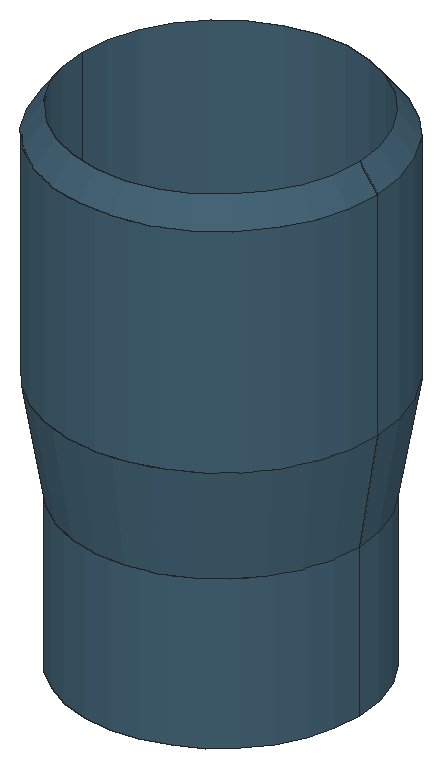
Revit family "Hub_Adapter-Zurn-Z1030", category Plumbing Fixtures, Revit 2022
Family settings
  Round Connector Dimension = Use Radius
  Part Type = Normal
  OmniClass Number = 23.60.30.11.14
  OmniClass Title = Pipework Fittings
  Work Plane-Based = No
  Always vertical = Yes
  Cut with Voids When Loaded = No
  Maintain Annotation Orientation = No
  Shared = No
  Room Calculation Point = No
Parameters (values of type "Z1030 2 Inch IP x HB")
  Hub = Pipe Size_A Outer Diameter + 0.308"  # 2.683"
  Waste Connection = 1 = 1  # yes
  WFU = 1  # constant formula
  Vent Connection = 1 = 0  # no
  URL = "www.zurn.com"
  Product data url = "https://www.bimobject.com/en-in/zurnindustries/product/z1030"
  Product Page URL = "https://www.zurn.com/products/drainage-interceptors/backwater-valves-traps-primers/z1030"
  Product Installation Sheet URL = "https://files.zurn.com/care-cleaning-install-warranty-sheets/t6-(1).pdf"
  Product Documentation Link = "https://files.zurn.com/spec-sheets/z1030.pdf"
  Pipe Size_A Outer Diameter = 2.375"
  Pipe Size_A Nominal Diameter = 2.000"
  Pipe Size_A Inside Diameter = 2.067"
  Modified Date = "02/20/2026"  # constant formula
  Model = "Z1030"  # constant formula
  Manufacurer Brand = "Zurn"  # constant formula
  Manufacturer = "Zurn Water, LLC"  # constant formula
  Main Material = Iron - Zurn - Cast - Painted - Blue
  HWFU = 0  # constant formula
  HW Connection = 1 = 0  # no
  Description = "HUB ADAPTER"  # constant formula
  Default Elevation = 20.000"  # constant formula
  Date Created = "12/13/2013"  # constant formula
  Connector Radius = Pipe Size_A Nominal Diameter / 2  # 1.000"
  CWFU = 0  # constant formula
  CW Connection = 1 = 0  # no
  Body Height_B = 4.250"
  Assembly Code = "D2090800"
  Approx Weight = 3.00 lbf
Types (5): name | Hub | Pipe Size_A Outer Diameter | Pipe Size_A Nominal Diameter | Pipe Size_A Inside Diameter | Connector Radius | Body Height_B | Approx Weight
  (no name) | 2.683" | 2.375" | 2.000" | 2.067" | 1.000" | 4.250" | 3.00 lbf
  Z1030 2 Inch IP x HB | 2.683" | 2.375" | 2.000" | 2.067" | 1.000" | 4.250" | 3.00 lbf
  Z1030 3 Inch  IP x HB | 3.808" | 3.500" | 3.000" | 3.068" | 1.500" | 4.375" | 5.00 lbf
  Z1030 4 Inch IP x HB | 4.808" | 4.500" | 4.000" | 4.026" | 2.000" | 4.750" | 6.00 lbf
  Z1030 6 Inch IP x HB | 6.933" | 6.625" | 6.000" | 6.065" | 3.000" | 5.000" | 9.00 lbf
Reference planes (in)
  plane 1 "Center (Front/Back)": y = 0
  plane 2: z = 0
  plane 3 "Center (Left/Right)": x = 0
  plane 4: x = 1.1875
  plane 5: x = -1.1875
  plane 6: x = 1.0335
  plane 7: x = -1.0335
  plane 8: x = 1.4875
  plane 9: x = 1.3415
  plane 10: x = -1.3415
  plane 11: y = 1.1875
  plane 12: y = -1.1875
  plane 13: y = 1.3415
  plane 14: y = -1.3415
  plane 15: z = -0.2
  plane 16 "Bottom": z = -4.25
  plane 17: z = -2.05
  plane 18: z = -2.95
Forms (in)
  Revolve 1, solid, material "Iron - Zurn - Cast - Painted - Blue" <- "Main Material", detail levels fine
    sketch origin (0, 0, 0) x (1, 0, 0) y (0, 0, 1)
      loop
        line (1.1875, -2.95) -> (1.3415, -2.05) -> (1.3415, -0.2) -> (1.1875, 0) -> (1.1875, -2.05) -> (1.0335, -2.95) -> (1.0335, -4.25) -> (1.1875, -4.25) -> (1.1875, -2.95)
      axis (0, 0) -> (0, -4.25)
    angle from 0 to 360
Lines and regions (in)
  Masking region 1, detail levels fine
    outline origin (0, 0, 4.25) x (-1, 0, 0) y (0, -1, 0)
      loop
        circle (0, 0) r 1.3415
  model lines, detail levels coarse+medium
    curve 1: line (0, 1.3415, 0) -> (0, -1.3415, 0)
    curve 2: line (-1.3415, 0, 0) -> (1.3415, 0, 0)
    curve 3: line (0, 1.1875, -4.25) -> (0, -1.1875, -4.25)
    curve 4: line (-1.1875, 0, -4.25) -> (1.1875, 0, -4.25)
    curve 5: line (0, 0, 0) -> (0, 0, -4.25)
Dimensions and locks (in)
  "Pipe Size_A Outer Diameter": plane 4 to plane 5
  equal spacing: plane 4, plane 3 "Center (Left/Right)", plane 5
  equal spacing: plane 6, plane 3 "Center (Left/Right)", plane 7
  "Pipe Size_A Inside Diameter": plane 6 to plane 7
  locked: plane 4 to plane 8 at 0.3
  locked: plane 4 to plane 9 at 0.154
  locked: plane 10 to plane 5 at 0.154
  equal spacing: plane 11, plane 1 "Center (Front/Back)", plane 12
  "Pipe Size_A Outer Diameter": plane 11 to plane 12
  locked: plane 13 to plane 11 at 0.154
  locked: plane 12 to plane 14 at 0.154
  locked: level to plane 15 at 0.2
  "Body Height_B": level to plane 16 "Bottom"
  locked: plane 18 to plane 16 "Bottom" at 1.3
  locked: plane 17 to plane 16 "Bottom" at 2.2
  "Hub": diameter of Masking region 1 sketch curve
  aligned and locked: plane 2 to level
  aligned and locked: plane 10 to curve 2
  aligned and locked: plane 1 "Center (Front/Back)" to curve 2
  aligned and locked: plane 13 to curve 1
  aligned and locked: plane 14 to curve 1
  aligned and locked: curve 1 to plane 3 "Center (Left/Right)"
  aligned and locked: curve 3 to plane 3 "Center (Left/Right)"
  aligned and locked: plane 1 "Center (Front/Back)" to curve 4
  aligned and locked: plane 5 to curve 4
  aligned and locked: plane 4 to curve 4
  aligned and locked: plane 12 to curve 3
  aligned and locked: plane 11 to curve 3
  aligned and locked: plane 9 to curve 2
  aligned and locked: curve 5 to plane 3 "Center (Left/Right)"
  aligned and locked: plane 1 "Center (Front/Back)" to Masking region 1 sketch curve
  aligned and locked: plane 3 "Center (Left/Right)" to Masking region 1 sketch curve
  aligned and locked: plane 4 to Revolve 1 sketch curve  (x5)
  aligned and locked: curve 4 to curve 5
  aligned and locked: curve 2 to curve 5
  aligned and locked: plane 16 "Bottom" to Revolve 1 sketch curve  (x2)
  aligned and locked: plane 18 to Revolve 1 sketch curve  (x2)
  aligned and locked: plane 17 to Revolve 1 sketch curve  (x2)
  aligned and locked: level to Revolve 1 sketch curve  (x2)
  aligned and locked: Revolve 1 sketch curve to plane 3 "Center (Left/Right)"
  aligned and locked: plane 6 to Revolve 1 sketch curve  (x2)
  aligned and locked: plane 9 to Revolve 1 sketch curve  (x2)
  aligned and locked: plane 15 to Revolve 1 sketch curve
Automatic sketch dimensions
  Revolve 1 sketch curve to plane 16 "Bottom" = 2.9209"
  level to Revolve 1 sketch curve = 12.18248"
Connectors (in)
  piping at (0, 0, -4.25), diameter 2, driven by "Connector Radius", driven by "Waste Connection"
    settings: on Revolve 1, index 2, connector inside diameter 24", connector length 0.000", flow factor 0, pipe flow 0 GPM, pressure drop 0.00 psi, fitting loss kfactor 0, connector angle 0.00°, fixture units 0, engagement length 0.000", angle of deflection 0.00°, flow configuration 0, flow direction 1, fitting loss method 0, system type 16, joint type 0, gender type 0, connector reference index -1, connector utility 1, adjustable connector no, is connector primary yes, connector description "Sanitary Inlet"
